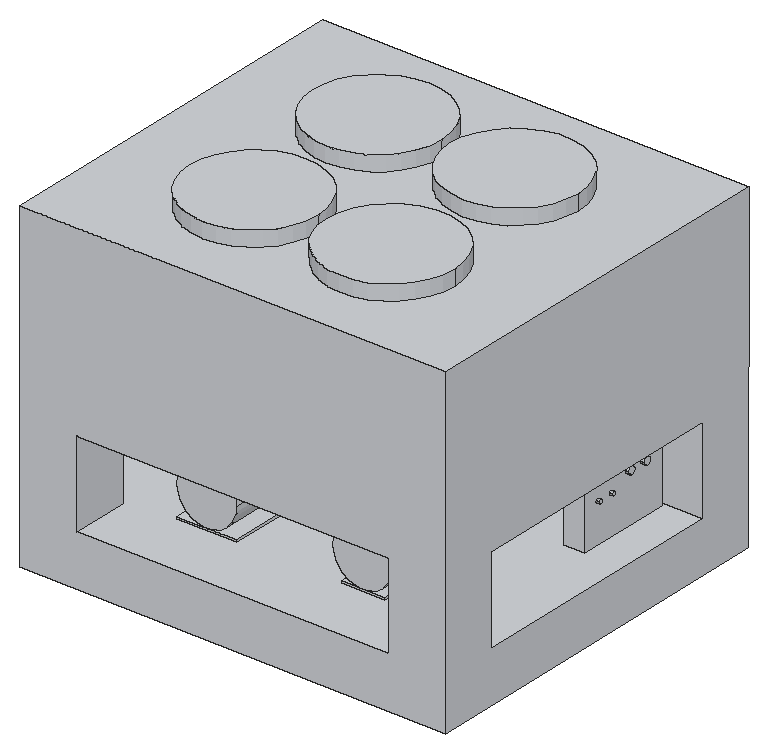
Revit family "2fb84efb0fd4481f9e8246e493556a2d", category Mechanical Equipment, Revit 2021
Family settings
  Round Connector Dimension = Use Radius
  Part Type = Normal
  OmniClass Number = 23.75.10.24.21.11.11
  OmniClass Title = Packaged Refrigerant Condensing Coils and Fan Units
  Seek Item ID = Condensing Unit - Air Cooled - DX - 40-100 Tons-0000-USA-ENU
  Work Plane-Based = No
  Always vertical = Yes
  Cut with Voids When Loaded = No
  Shared = No
  Room Calculation Point = No
Parameters (values of type "40 Tons")
  Voltage = 460 V
  Visibility 5 = no
  Visibility 4 = yes
  Visibility 3 = no
  Visibility 2 = no
  Visibility 1 = yes
  Unit Width = 7' - 4 1/2"
  Unit Material = none
  Unit Length = 8' - 3 3/8"
  Unit Height = 6' - 3 11/16"
  Outlet Radius = 5/16"
  Outlet Diameter = Outlet Radius * 2  # 5/8"
  Number of Poles = 3
  Maximum Operating Charge = 25' - 0"
  Load Classification = Cooling
  Length 2 = (Unit Length - 1' 0 1/4" * 2) / 2 / 3  # 1' - 0.47917"
  Length 1 = 3' - 8"
  Inlet Radius = 13/16"
  Inlet Diameter = Inlet Radius * 2  # 1 5/8"
  Height 2 = 2' - 8 3/16"
  Height 1 = 6' - 7 1/4"
  Default Elevation = 0' - 0"
  C4 Offset1 = 1' - 8 7/16"
  C3 Offset2 = 2' - 0 11/16"
  C3 Offset1 = 2' - 1"
  C2 Offset1 = 2' - 6 1/8"
  C1 Offset2 = 1' - 10 1/16"
  C1 Offset1 = 2' - 10"
  Apparent Load = 38000 VA
Types (8): name | Visibility 5 | Visibility 4 | Visibility 3 | Visibility 2 | Visibility 1 | Unit Width | Unit Length | Unit Height | Outlet Radius | Outlet Diameter | Length 2 | Length 1 | Inlet Radius | Inlet Diameter | Height 2 | Height 1 | Apparent Load
  (no name) | no | yes | no | no | yes | 7' - 4 1/2" | 8' - 3 3/8" | 6' - 3 11/16" | 5/16" | 5/8" | 1' - 0.47917" | 3' - 8" | 13/16" | 1 5/8" | 2' - 8 3/16" | 6' - 7 1/4" | 38000 VA
  40 Tons | no | yes | no | no | yes | 7' - 4 1/2" | 8' - 3 3/8" | 6' - 3 11/16" | 5/16" | 5/8" | 1' - 0.47917" | 3' - 8" | 13/16" | 1 5/8" | 2' - 8 3/16" | 6' - 7 1/4" | 38000 VA
  50 Tons | no | yes | no | no | yes | 7' - 4 1/2" | 8' - 3 3/8" | 6' - 3 11/16" | 7/16" | 7/8" | 1' - 0.47917" | 3' - 8" | 13/16" | 1 5/8" | 2' - 8 3/16" | 6' - 7 1/4" | 42100 VA
  60 Tons | no | yes | no | no | yes | 7' - 4 1/2" | 8' - 3 3/8" | 6' - 3 11/16" | 7/16" | 7/8" | 1' - 0.47917" | 3' - 8" | 1 1/16" | 2 1/8" | 2' - 8 3/16" | 6' - 7 1/4" | 48800 VA
  70 Tons | yes | no | no | no | yes | 7' - 4 1/2" | 10' - 3" | 6' - 11 3/4" | 7/16" | 7/8" | 1' - 4.41667" | 4' - 5" | 1 1/16" | 2 1/8" | 2' - 8 3/16" | 7' - 3 3/8" | 60900 VA
  80 Tons | yes | no | no | no | yes | 7' - 4 1/2" | 10' - 3" | 6' - 11 3/4" | 7/16" | 7/8" | 1' - 4.41667" | 4' - 5" | 1 1/16" | 2 1/8" | 2' - 8 3/16" | 7' - 3 3/8" | 69500 VA
  90 Tons | yes | no | yes | no | no | 7' - 7 11/16" | 11' - 2 3/8" | 7' - 7 15/16" | 7/16" | 7/8" | 1' - 6 5/16" | 6' - 7" | 1 1/16" | 2 1/8" | 3' - 4 3/8" | 7' - 11 9/16" | 76900 VA
  100 Tons | yes | no | yes | yes | no | 7' - 7 11/16" | 11' - 2 3/8" | 7' - 7 15/16" | 7/16" | 7/8" | 1' - 6 5/16" | 6' - 7" | 1 1/16" | 2 1/8" | 3' - 4 3/8" | 7' - 11 9/16" | 85600 VA
Reference planes (in)
  plane 1 "Center (Front/Back)": y = 0
  plane 2: z = 0
  plane 3 "Center (Left/Right)": x = 0
  plane 4: x = 99.375
  plane 5: z = 75.6875
  plane 6: y = 88.5
  plane 7: z = 32.1875
  plane 8: z = 79.25
  plane 9: x = 13.25
  plane 10: x = 86.125
  plane 11: z = 12
  plane 12: y = 13.25
  plane 13: y = 75.25
  plane 14: z = 12.5
  plane 15: z = 19.5
  plane 16: y = 15.25
  plane 17: y = 31.25
  plane 18: y = 73.625
  plane 19: y = 51.125
  plane 20: x = 49.6875
  plane 21: x = 25.39583
  plane 22: x = 37.54167
  plane 23: x = 61.83333
  plane 24: x = 73.97917
  plane 25: x = 31.46875
  plane 26: x = 67.90625
  plane 27: x = 17.6875
  plane 28: x = 81.6875
  plane 29: x = 33.6875
  plane 30: x = 65.6875
  plane 31: y = 44.25
  plane 32: y = 62.25
  plane 33: y = 26.25
  plane 34: y = 68.0625
  plane 35: y = 63.5
  plane 36: y = 58.375
  plane 37: y = 54.5
  plane 38: z = 22.0625
  plane 39: z = 24.6875
  plane 40: x = 92.125
  plane 41: x = 5.5
  plane 42: z = 3.125
Forms (in)
  Extrusion 1, solid, material <- "Unit Material"
    sketch origin (0, 0, 0) x (1, 0, 0) y (0, 1, 0)
      loop
        line (0, 88.5) -> (0, 0) -> (99.375, 0) -> (99.375, 88.5) -> (0, 88.5)
    from 32.1875 to 75.6875
  Extrusion 2, solid, material <- "Unit Material"
    sketch origin (0, 0, 0) x (1, 0, 0) y (0, 0, 1)
      loop
        line (0, 32.1875) -> (0, 0) -> (13.25, 0) -> (13.25, 32.1875) -> (0, 32.1875)
    from 0 to -13.25
  Extrusion 3, solid, material <- "Unit Material"
    sketch origin (121.125, 0, 0) x (1, 0, 0) y (0, 0, 1)
      loop
        line (-35, 32.1875) -> (-35, 0) -> (-21.75, 0) -> (-21.75, 32.1875) -> (-35, 32.1875)
    from -88.5 to -75.25
  Extrusion 4, solid, material <- "Unit Material"
    sketch origin (0, 0, 0) x (1, 0, 0) y (0, 0, 1)
      loop
        line (0, 12) -> (0, 0) -> (99.375, 0) -> (99.375, 12) -> (0, 12)
    from -88.5 to 0
  Extrusion 5, solid, material <- "Unit Material", visible <- "Visibility 1"
    sketch origin (0, 0, 0) x (1, 0, 0) y (0, 0, 1)
      loop
        circle (31.46875, 19.5) r 7
    from -31.25 to -15.25
  Extrusion 6, solid, material <- "Unit Material"
    sketch origin (44, 0, 0) x (1, 0, 0) y (0, 0, 1)
      loop
        line (42.125, 32.1875) -> (42.125, 0) -> (55.375, 0) -> (55.375, 32.1875) -> (42.125, 32.1875)
    from 0 to -13.25
  Extrusion 7, solid, material <- "Unit Material"
    sketch origin (24, 0, 0) x (1, 0, 0) y (0, 0, 1)
      loop
        line (-24, 32.1875) -> (-24, 0) -> (-10.75, 0) -> (-10.75, 32.1875) -> (-24, 32.1875)
    from -75.25 to -88.5
  Extrusion 8, solid, material <- "Unit Material", visible <- "Visibility 1"
    sketch origin (48.58333, 0, 0) x (1, 0, 0) y (0, 0, 1)
      loop
        circle (19.32292, 19.5) r 7
    from -31.25 to -15.25
  Extrusion 9, solid, material <- "Unit Material", visible <- "Visibility 3"
    sketch origin (0, 0, 0) x (1, 0, 0) y (0, 0, 1)
      loop
        circle (25.39583, 19.5) r 7
    from -31.25 to -15.25
  Extrusion 10, solid, material <- "Unit Material", visible <- "Visibility 2"
    sketch origin (17.97917, 0, 0) x (1, 0, 0) y (0, 0, 1)
      loop
        circle (19.5625, 19.5) r 7
    from -31.25 to -15.25
  Extrusion 11, solid, material <- "Unit Material", visible <- "Visibility 3"
    sketch origin (53.9375, 0, 0) x (1, 0, 0) y (0, 0, 1)
      loop
        circle (7.89583, 19.5) r 7
    from -31.25 to -15.25
  Extrusion 12, solid, material <- "Unit Material", visible <- "Visibility 3"
    sketch origin (71.91667, 0, 0) x (1, 0, 0) y (0, 0, 1)
      loop
        circle (2.0625, 19.5) r 7
    from -31.25 to -15.25
  Extrusion 13, solid, material <- "Unit Material"
    sketch origin (0, 0, 0) x (1, 0, 0) y (0, 0, 1)
      loop
        line (86.125, 31.5) -> (86.125, 12.5) -> (91.125, 12.5) -> (91.125, 31.5) -> (86.125, 31.5)
    from -73.625 to -51.125
  Extrusion 14, solid, material <- "Unit Material", visible <- "Visibility 4"
    sketch origin (0, 0, 0) x (1, 0, 0) y (0, 1, 0)
      loop
        circle (33.6875, 62.25) r 15
    from 75.6875 to 79.25
  Extrusion 15, solid, material <- "Unit Material", visible <- "Visibility 4"
    sketch origin (99.375, 0, 0) x (-1, 0, 0) y (0, -1, 0)
      loop
        circle (33.6875, -62.25) r 15
    from 75.6875 to 79.25
  Extrusion 16, solid, material <- "Unit Material", visible <- "Visibility 4"
    sketch origin (0, 88.5, 0) x (1, 0, 0) y (0, 1, 0)
      loop
        circle (33.6875, -62.25) r 15
    from 75.6875 to 79.25
  Extrusion 17, solid, material <- "Unit Material", visible <- "Visibility 4"
    sketch origin (99.375, 88.5, 0) x (-1, 0, 0) y (0, -1, 0)
      loop
        circle (33.6875, 62.25) r 15
    from 75.6875 to 79.25
  Extrusion 18, solid, material <- "Unit Material", visible <- "Visibility 5"
    sketch origin (0, 0, 0) x (1, 0, 0) y (0, 1, 0)
      loop
        circle (17.6875, 62.25) r 15
    from 75.6875 to 79.25
  Extrusion 19, solid, material <- "Unit Material", visible <- "Visibility 5"
    sketch origin (0, 88.5, 0) x (1, 0, 0) y (0, 1, 0)
      loop
        circle (17.6875, -62.25) r 15
    from 75.6875 to 79.25
  Extrusion 20, solid, material <- "Unit Material", visible <- "Visibility 5"
    sketch origin (32, 0, 0) x (1, 0, 0) y (0, 1, 0)
      loop
        circle (17.6875, 62.25) r 15
    from 75.6875 to 79.25
  Extrusion 21, solid, material <- "Unit Material", visible <- "Visibility 5"
    sketch origin (32, 88.5, 0) x (1, 0, 0) y (0, 1, 0)
      loop
        circle (17.6875, -62.25) r 15
    from 75.6875 to 79.25
  Extrusion 22, solid, material <- "Unit Material", visible <- "Visibility 5"
    sketch origin (123, 0, 0) x (-1, 0, 0) y (0, -1, 0)
      loop
        circle (41.3125, -62.25) r 15
    from 75.6875 to 79.25
  Extrusion 23, solid, material <- "Unit Material", visible <- "Visibility 5"
    sketch origin (123, 88.5, 0) x (-1, 0, 0) y (0, -1, 0)
      loop
        circle (41.3125, 62.25) r 15
    from 75.6875 to 79.25
  Extrusion 24, solid, material <- "Unit Material", visible <- "Visibility 1"
    sketch origin (0, 0, 0) x (1, 0, 0) y (0, 0, 1)
      loop
        line (24.46875, 12.5) -> (24.46875, 12) -> (38.46875, 12) -> (38.46875, 12.5) -> (24.46875, 12.5)
    from -31.25 to -15.25
  Extrusion 25, solid, material <- "Unit Material", visible <- "Visibility 1"
    sketch origin (48.25, 0, 0) x (1, 0, 0) y (0, 0, 1)
      loop
        line (14.625, 12.5) -> (14.625, 12) -> (24.6875, 12) -> (24.6875, 12.5) -> (14.625, 12.5)
    from -31.25 to -15.25
  Extrusion 26, solid, material <- "Unit Material", visible <- "Visibility 3"
    sketch origin (0, 0, 0) x (1, 0, 0) y (0, 0, 1)
      loop
        line (18.39583, 12.5) -> (18.39583, 12) -> (32.39583, 12) -> (32.39583, 12.5) -> (18.39583, 12.5)
    from -31.25 to -15.25
  Extrusion 27, solid, material <- "Unit Material", visible <- "Visibility 2"
    sketch origin (17.97917, 0, 0) x (1, 0, 0) y (0, 0, 1)
      loop
        line (15.47917, 12.5) -> (15.47917, 12) -> (23.64583, 12) -> (23.64583, 12.5) -> (15.47917, 12.5)
    from -31.25 to -15.25
  Extrusion 28, solid, material <- "Unit Material", visible <- "Visibility 3"
    sketch origin (53.9375, 0, 0) x (1, 0, 0) y (0, 0, 1)
      loop
        line (6.72917, 12.5) -> (6.72917, 12) -> (9.0625, 12) -> (9.0625, 12.5) -> (6.72917, 12.5)
    from -31.25 to -15.25
  Extrusion 29, solid, material <- "Unit Material", visible <- "Visibility 3"
    sketch origin (71.91667, 0, 0) x (1, 0, 0) y (0, 0, 1)
      loop
        line (-2.02083, 12.5) -> (-2.02083, 12) -> (6.14583, 12) -> (6.14583, 12.5) -> (-2.02083, 12.5)
    from -31.25 to -15.25
  Extrusion 30, solid, material <- "Unit Material"
    sketch origin (0, 0, 0) x (0, 1, 0) y (0, 0, 1)
      loop
        circle (54.5, 22.0625) r 0.3125
    from 91.125 to 92.125
  Extrusion 31, solid, material <- "Unit Material"
    sketch origin (0, 0, 0) x (0, 1, 0) y (0, 0, 1)
      loop
        circle (58.375, 22.0625) r 0.3125
    from 91.125 to 92.125
  Extrusion 32, solid, material <- "Unit Material"
    sketch origin (0, 0, 0) x (0, 1, 0) y (0, 0, 1)
      loop
        circle (63.5, 24.6875) r 0.8125
    from 91.125 to 92.125
  Extrusion 33, solid, material <- "Unit Material"
    sketch origin (0, 0, 0) x (0, 1, 0) y (0, 0, 1)
      loop
        circle (68.0625, 24.6875) r 0.8125
    from 91.125 to 92.125
  Extrusion 34, solid, material <- "Unit Material"
    sketch origin (0, 0, 0) x (1, 0, 0) y (0, 0, 1)
      loop
        circle (5.5, 3.125) r 0.5
    from -13.25 to 0
Cuts and joins
  joined: Extrusion 1, Extrusion 2, Extrusion 3, Extrusion 4, Extrusion 6, Extrusion 7, Extrusion 13, Extrusion 30, Extrusion 31, Extrusion 32, Extrusion 33, Extrusion 34
Dimensions and locks (in)
  "Unit Length": plane 4 to plane 3 "Center (Left/Right)"
  "Unit Height": plane 5 to plane 2
  "Unit Width": plane 1 "Center (Front/Back)" to plane 6
  "Height 2": plane 7 to plane 2
  "Height 1": plane 8 to plane 2
  locked: plane 9 to plane 3 "Center (Left/Right)" at 13.25
  locked: plane 4 to plane 10 at 13.25
  locked: plane 11 to plane 2 at 12
  locked: plane 1 "Center (Front/Back)" to plane 12 at 13.25
  locked: plane 13 to plane 6 at 13.25
  locked: plane 14 to plane 11 at 0.5
  locked: plane 15 to plane 14 at 7
  locked: plane 16 to plane 12 at 2
  locked: plane 17 to plane 16 at 16
  locked: plane 6 to plane 18 at 14.875
  locked: plane 18 to plane 19 at 22.5
  equal spacing: plane 10, plane 20, plane 9
  equal spacing: plane 20, plane 22, plane 21, plane 9
  equal spacing: plane 20, plane 23, plane 24, plane 10
  equal spacing: plane 20, plane 25, plane 9
  equal spacing: plane 20, plane 26, plane 10
  locked: plane 10 to Extrusion 13 sketch curve at 5
  locked: Extrusion 13 sketch curve to plane 14 at 19
  locked: plane 27 to plane 20 at 32
  locked: plane 20 to plane 28 at 32
  locked: plane 29 to plane 20 at 16
  locked: plane 20 to plane 30 at 16
  equal spacing: plane 1 "Center (Front/Back)", plane 31, plane 6
  locked: plane 32 to plane 31 at 18
  locked: plane 31 to plane 33 at 18
  locked: plane 25 to Extrusion 24 sketch curve at 7  (x2)
  equal spacing: Extrusion 25 sketch curve, plane 26, Extrusion 25 sketch curve
  equal spacing: Extrusion 26 sketch curve, plane 21, Extrusion 26 sketch curve
  equal spacing: Extrusion 27 sketch curve, plane 22, Extrusion 27 sketch curve
  equal spacing: Extrusion 28 sketch curve, plane 23, Extrusion 28 sketch curve
  equal spacing: Extrusion 29 sketch curve, plane 24, Extrusion 29 sketch curve
  "C4 Offset1": plane 34 to plane 6
  "C3 Offset1": plane 35 to plane 6
  "C2 Offset1": plane 36 to plane 6
  "C1 Offset1": plane 37 to plane 6
  "C1 Offset2": plane 2 to plane 38
  "C3 Offset2": plane 39 to plane 2
  locked: plane 10 to plane 40 at 6
  locked: plane 41 to plane 3 "Center (Left/Right)" at 5.5
  locked: plane 42 to plane 2 at 3.125
  radius of Extrusion 9 sketch curve = 0' - 7"
  radius of Extrusion 5 sketch curve = 0' - 7"
  radius of Extrusion 10 sketch curve = 0' - 7"
  radius of Extrusion 11 sketch curve = 0' - 7"
  radius of Extrusion 8 sketch curve = 0' - 7"
  radius of Extrusion 12 sketch curve = 0' - 7"
  radius of Extrusion 14 sketch curve = 1' - 3"
  radius of Extrusion 15 sketch curve = 1' - 3"
  radius of Extrusion 16 sketch curve = 1' - 3"
  radius of Extrusion 17 sketch curve = 1' - 3"
  radius of Extrusion 18 sketch curve = 1' - 3"
  radius of Extrusion 19 sketch curve = 1' - 3"
  radius of Extrusion 20 sketch curve = 1' - 3"
  radius of Extrusion 21 sketch curve = 1' - 3"
  radius of Extrusion 22 sketch curve = 1' - 3"
  radius of Extrusion 23 sketch curve = 1' - 3"
  "Outlet Radius": radius of Extrusion 30 sketch curve
  "Outlet Radius": radius of Extrusion 31 sketch curve
  "Inlet Radius": radius of Extrusion 32 sketch curve
  "Inlet Radius": radius of Extrusion 33 sketch curve
  radius of Extrusion 34 sketch curve = 0' - 0 1/2"
  aligned and locked: plane 3 "Center (Left/Right)" to Extrusion 1 sketch curve
  aligned and locked: Extrusion 1 sketch curve to plane 1 "Center (Front/Back)"
  aligned and locked: Extrusion 1 sketch curve to plane 4
  aligned and locked: plane 6 to Extrusion 1 sketch curve
  aligned and locked: plane 5 to Extrusion 1
  aligned and locked: Extrusion 1 to plane 7
  aligned and locked: Extrusion 2 sketch curve to Extrusion 1  (x2)
  aligned and locked: level to Extrusion 2 sketch curve
  aligned and locked: Extrusion 2 sketch curve to plane 9
  aligned and locked: plane 10 to Extrusion 3 sketch curve
  aligned and locked: Extrusion 3 sketch curve to plane 2
  aligned and locked: Extrusion 3 sketch curve to plane 7
  aligned and locked: Extrusion 3 sketch curve to plane 4
  aligned and locked: Extrusion 4 sketch curve to plane 2
  aligned and locked: plane 3 "Center (Left/Right)" to Extrusion 4 sketch curve
  aligned and locked: Extrusion 4 sketch curve to plane 4
  aligned and locked: Extrusion 4 sketch curve to plane 11
  aligned and locked: plane 15 to Extrusion 5 sketch curve
  aligned and locked: plane 3 "Center (Left/Right)" to Extrusion 7 sketch curve
  aligned and locked: Extrusion 7 sketch curve to plane 9
  aligned and locked: Extrusion 7 sketch curve to plane 7
  aligned and locked: plane 2 to Extrusion 7 sketch curve
  aligned and locked: Extrusion 6 sketch curve to plane 4
  aligned and locked: plane 10 to Extrusion 6 sketch curve
  aligned and locked: Extrusion 6 sketch curve to plane 2
  aligned and locked: Extrusion 6 sketch curve to plane 7
  aligned and locked: Extrusion 7 to plane 6
  aligned and locked: plane 13 to Extrusion 7
  aligned and locked: Extrusion 5 to plane 17
  aligned and locked: plane 16 to Extrusion 5
  aligned and locked: plane 15 to Extrusion 8 sketch curve
  aligned and locked: plane 25 to Extrusion 5 sketch curve
  aligned and locked: plane 26 to Extrusion 8 sketch curve
  aligned and locked: plane 15 to Extrusion 9 sketch curve
  aligned and locked: plane 21 to Extrusion 9 sketch curve
  aligned and locked: plane 15 to Extrusion 10 sketch curve
  aligned and locked: plane 22 to Extrusion 10 sketch curve
  aligned and locked: plane 23 to Extrusion 11 sketch curve
  aligned and locked: plane 15 to Extrusion 11 sketch curve
  aligned and locked: plane 15 to Extrusion 12 sketch curve
  aligned and locked: plane 24 to Extrusion 12 sketch curve
  aligned and locked: Extrusion 9 to plane 17
  aligned and locked: plane 16 to Extrusion 9
  aligned and locked: Extrusion 10 to plane 17
  aligned and locked: plane 16 to Extrusion 10
  aligned and locked: Extrusion 11 to plane 17
  aligned and locked: plane 16 to Extrusion 11
  aligned and locked: Extrusion 12 to plane 17
  aligned and locked: plane 16 to Extrusion 12
  aligned and locked: plane 10 to Extrusion 13 sketch curve
  aligned and locked: plane 14 to Extrusion 13 sketch curve
  aligned and locked: Extrusion 13 to plane 18
  aligned and locked: plane 19 to Extrusion 13
  aligned and locked: plane 32 to Extrusion 14 sketch curve
  aligned and locked: plane 29 to Extrusion 14 sketch curve
  aligned and locked: plane 32 to Extrusion 15 sketch curve
  aligned and locked: plane 30 to Extrusion 15 sketch curve
  aligned and locked: plane 33 to Extrusion 16 sketch curve
  aligned and locked: plane 29 to Extrusion 16 sketch curve
  aligned and locked: plane 30 to Extrusion 17 sketch curve
  aligned and locked: plane 33 to Extrusion 17 sketch curve
  aligned and locked: plane 8 to Extrusion 16
  aligned and locked: Extrusion 16 to plane 5
  aligned and locked: plane 8 to Extrusion 14
  aligned and locked: Extrusion 14 to plane 5
  aligned and locked: plane 8 to Extrusion 17
  aligned and locked: Extrusion 17 to plane 5
  aligned and locked: plane 8 to Extrusion 15
  aligned and locked: Extrusion 15 to plane 5
  aligned and locked: plane 32 to Extrusion 18 sketch curve
  aligned and locked: plane 27 to Extrusion 18 sketch curve
  aligned and locked: plane 33 to Extrusion 19 sketch curve
  aligned and locked: plane 27 to Extrusion 19 sketch curve
  aligned and locked: plane 32 to Extrusion 20 sketch curve
  aligned and locked: plane 20 to Extrusion 20 sketch curve
  aligned and locked: plane 33 to Extrusion 21 sketch curve
  aligned and locked: plane 20 to Extrusion 21 sketch curve
  aligned and locked: plane 32 to Extrusion 22 sketch curve
  aligned and locked: plane 28 to Extrusion 22 sketch curve
  aligned and locked: plane 33 to Extrusion 23 sketch curve
  aligned and locked: plane 28 to Extrusion 23 sketch curve
  aligned and locked: plane 8 to Extrusion 19
  aligned and locked: Extrusion 19 to plane 5
  aligned and locked: plane 8 to Extrusion 18
  aligned and locked: Extrusion 18 to plane 5
  aligned and locked: plane 8 to Extrusion 21
  aligned and locked: Extrusion 21 to plane 5
  aligned and locked: plane 8 to Extrusion 20
  aligned and locked: Extrusion 20 to plane 5
  aligned and locked: plane 8 to Extrusion 23
  aligned and locked: Extrusion 23 to plane 5
  aligned and locked: plane 8 to Extrusion 22
  aligned and locked: Extrusion 22 to plane 5
  aligned and locked: plane 11 to Extrusion 24 sketch curve
  aligned and locked: Extrusion 24 sketch curve to plane 14
  aligned and locked: plane 11 to Extrusion 25 sketch curve
  aligned and locked: Extrusion 25 sketch curve to plane 14
  aligned and locked: Extrusion 26 sketch curve to plane 14
  aligned and locked: plane 11 to Extrusion 26 sketch curve
  aligned and locked: Extrusion 27 sketch curve to plane 14
  aligned and locked: plane 11 to Extrusion 27 sketch curve
  aligned and locked: Extrusion 28 sketch curve to plane 14
  aligned and locked: plane 11 to Extrusion 28 sketch curve
  aligned and locked: Extrusion 29 sketch curve to plane 14
  aligned and locked: plane 11 to Extrusion 29 sketch curve
  aligned and locked: Extrusion 5 to Extrusion 26
  aligned and locked: Extrusion 26 to Extrusion 5
  aligned and locked: Extrusion 5 to Extrusion 24
  aligned and locked: Extrusion 24 to Extrusion 5
  aligned and locked: Extrusion 5 to Extrusion 27
  aligned and locked: Extrusion 27 to Extrusion 5
  aligned and locked: Extrusion 5 to Extrusion 28
  aligned and locked: Extrusion 28 to Extrusion 5
  aligned and locked: Extrusion 5 to Extrusion 25
  aligned and locked: Extrusion 25 to Extrusion 5
  aligned and locked: Extrusion 5 to Extrusion 29
  aligned and locked: Extrusion 29 to Extrusion 5
  aligned and locked: plane 38 to Extrusion 30 sketch curve
  aligned and locked: plane 38 to Extrusion 31 sketch curve
  aligned and locked: plane 37 to Extrusion 30 sketch curve
  aligned and locked: plane 36 to Extrusion 31 sketch curve
  aligned and locked: plane 39 to Extrusion 32 sketch curve
  aligned and locked: plane 35 to Extrusion 32 sketch curve
  aligned and locked: plane 39 to Extrusion 33 sketch curve
  aligned and locked: plane 34 to Extrusion 33 sketch curve
  aligned and locked: Extrusion 33 to Extrusion 13
  aligned and locked: plane 40 to Extrusion 33
  aligned and locked: Extrusion 32 to Extrusion 13
  aligned and locked: plane 40 to Extrusion 32
  aligned and locked: Extrusion 31 to Extrusion 13
  aligned and locked: plane 40 to Extrusion 31
  aligned and locked: Extrusion 30 to Extrusion 13
  aligned and locked: plane 40 to Extrusion 30
  aligned and locked: plane 42 to Extrusion 34 sketch curve
  aligned and locked: plane 41 to Extrusion 34 sketch curve
  aligned and locked: Extrusion 34 to plane 12
  aligned and locked: plane 1 "Center (Front/Back)" to Extrusion 34
  aligned and locked: Extrusion 4 to plane 6
  aligned and locked: Extrusion 3 to plane 6
  aligned and locked: plane 13 to cut or joined group of Extrusion 1, Extrusion 2, Extrusion 3, Extrusion 4, Extrusion 6, Extrusion 7, Extrusion 13, Extrusion 30, Extrusion 31, Extrusion 32, Extrusion 33, Extrusion 34
Automatic sketch dimensions
  plane 23 to Extrusion 25 sketch curve = 0' - 1.04167"
  Extrusion 26 sketch curve to plane 21 = 0' - 7"
  Extrusion 27 sketch curve to plane 25 = 0' - 1.98958"
  Extrusion 28 sketch curve to plane 30 = 0' - 5.02083"
  plane 26 to Extrusion 29 sketch curve = 0' - 1.98958"
Connectors (in)
  piping at (92.125, 54.5, 22.0625), diameter 0.625, driven by "Outlet Radius"
    settings: on Extrusion 30, index 1, connector inside diameter 5/8", connector length 0' - 0", flow factor 0, pipe flow 0 GPM, pressure drop 0.00 psi, fitting loss kfactor 0, connector angle 0.00°, fixture units 0, engagement length 0' - 0", angle of deflection 0.00°, flow configuration 0, flow direction 2, fitting loss method 0, system type 22, joint type 0, gender type 0, connector reference index 3, connector utility 0, adjustable connector no, is connector primary yes, connector description "Cryogen Out"
  piping at (92.125, 58.375, 22.0625), diameter 0.625, driven by "Outlet Radius"
    settings: on Extrusion 31, index 2, connector inside diameter 5/8", connector length 0' - 0", flow factor 0, pipe flow 0 GPM, pressure drop 0.00 psi, fitting loss kfactor 0, connector angle 0.00°, fixture units 0, engagement length 0' - 0", angle of deflection 0.00°, flow configuration 0, flow direction 2, fitting loss method 0, system type 22, joint type 0, gender type 0, connector reference index 4, connector utility 0, adjustable connector no, is connector primary no, connector description "Cryogen Out"
  piping at (92.125, 63.5, 24.6875), diameter 1.625, driven by "Inlet Radius"
    settings: on Extrusion 32, index 3, connector inside diameter 1 5/8", connector length 0' - 0", flow factor 0, pipe flow 0 GPM, pressure drop 0.00 psi, fitting loss kfactor 0, connector angle 0.00°, fixture units 0, engagement length 0' - 0", angle of deflection 0.00°, flow configuration 0, flow direction 1, fitting loss method 0, system type 22, joint type 0, gender type 0, connector reference index 1, connector utility 0, adjustable connector no, is connector primary no, connector description "Cryogen In"
  piping at (92.125, 68.0625, 24.6875), diameter 1.625, driven by "Inlet Radius"
    settings: on Extrusion 33, index 4, connector inside diameter 1 5/8", connector length 0' - 0", flow factor 0, pipe flow 0 GPM, pressure drop 0.00 psi, fitting loss kfactor 0, connector angle 0.00°, fixture units 0, engagement length 0' - 0", angle of deflection 0.00°, flow configuration 0, flow direction 1, fitting loss method 0, system type 22, joint type 0, gender type 0, connector reference index 2, connector utility 0, adjustable connector no, is connector primary no, connector description "Cryogen In"
  electrical at (5.5, 0, 3.125), driven by "Apparent Load", driven by "Voltage", driven by "Number of Poles", driven by "Load Classification"
    settings: on Extrusion 34, index 5, voltage 460 V, apparent load 38000 VA, apparent load phase1 0 VA, apparent load phase2 0 VA, apparent load phase3 0 VA, power factor 0.8, load classification "Cooling", number of poles 3, system type 30, power factor state 1, is connector primary yes, connector utility no, sub classification motor no, connector description ""
